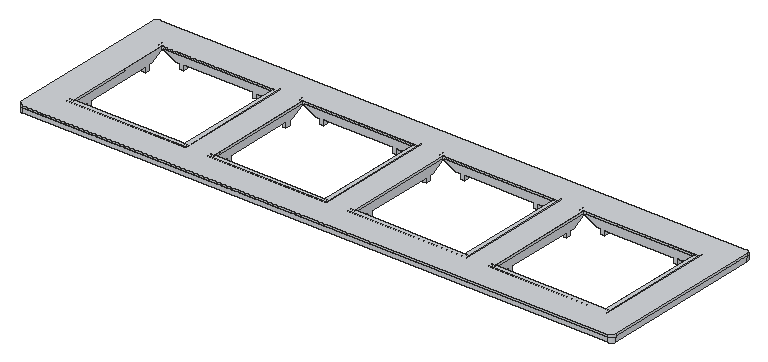
Revit family "Gira_0214255", category Electrical Fixtures, host Face, Revit 2017
Family settings
  Host = Face
  Maintain Annotation Orientation = No
  Round Connector Dimension = Use Diameter
  Part Type = Normal
  Cut with Voids When Loaded = No
  Shared = No
  Room Calculation Point = No
Parameters (values of type "Abdeckrahmen 4f flach Gira E2 F Alu")
  Werkstoffgüte = "Thermoplast"
  Werkstoff = "Kunststoff"
  URL = "http://katalog.gira.de/de_DE/datenblatt.html?artikelnr=0214255"
  Transparent = "No"
  Textfeld/Beschriftungsfläche = "No"
  Schutzart (IP) = "IP20"
  Region = "DE"
  Oberfläche = "sonstige"
  Name = "Abdeckrahmen 4f flach Gira E2 F Alu"
  Montagerichtung = "horizontal und vertikal"
  Mit Montagerahmen = "No"
  Mit Klappdeckel = "No"
  Manufacturer URL = "https://www.gira.de/"
  Keynote = "E2flach_Rahmen_4fach"
  HeinzeBIM = "https://bimportal.heinze.de/bim/abdeckrahmen-4f-flach-gira-e2-f-alu/c21f727d1ff6ac034fc66f4489626bb5254fbf10"
  Halogenfrei = "Yes"
  HAN = "0214255"
  Geeignet für Unterputz-Installation = "Yes"
  Geeignet für Unterflurkanaldose = "No"
  Geeignet für Geräteeinbaukanal = "No"
  Geeignet für Einbauinstallation = "No"
  GTIN = "4010337021346"
  Farbe = "aluminium"
  Default Elevation = 1219.2 mm
  Data sheet (1) = "https://katalog.gira.de/de_DE/download.html?artikelnr=0214255"
  Category = "Abdeckrahmen"
  Befestigungsart = "Klemmbefestigung"
  Available = "Yes"
  Anzahl der Einheiten vertikal = "4 "
  Anzahl der Einheiten horizontal = "4 "
  Anzahl der Einheiten = "4 "
Reference planes
  plane 1 "Center (Front/Back)": y = 0
  plane 2: z = 0
  plane 3 "Center (Left/Right)": x = 0
Forms (mm)
  Extrusion 1, solid, detail levels fine
    sketch origin (0, 0, 0) x (1, 0, 0) y (0, 1, 0)
      loop
        arc (-148.2, 43.9) -> (-149.968, 43.168) -> (-150.7, 41.4) r 2.5
        line (-150.7, 41.4) -> (-150.7, -41.4)
        arc (-150.7, -41.4) -> (-149.968, -43.168) -> (-148.2, -43.9) r 2.5
        line (-148.2, -43.9) -> (148.2, -43.9)
        arc (148.2, -43.9) -> (149.968, -43.168) -> (150.7, -41.4) r 2.5
        line (150.7, -41.4) -> (150.7, 41.4)
        arc (150.7, 41.4) -> (149.968, 43.168) -> (148.2, 43.9) r 2.5
        line (148.2, 43.9) -> (-148.2, 43.9)
      loop
        spline (-134.944, -27.245) -> (-134.936, -27.363) -> (-134.913, -27.478) -> (-134.875, -27.589) -> (-134.823, -27.695) -> (-134.758, -27.792) -> (-134.681, -27.881) -> (-134.592, -27.958) -> (-134.495, -28.023) -> (-134.389, -28.075) -> (-134.278, -28.113) -> (-134.163, -28.136) -> (-134.045, -28.144)
        line (-134.045, -28.144) -> (-79.555, -28.144)
        spline (-79.555, -28.144) -> (-79.437, -28.136) -> (-79.322, -28.113) -> (-79.211, -28.075) -> (-79.105, -28.023) -> (-79.008, -27.958) -> (-78.919, -27.881) -> (-78.842, -27.792) -> (-78.777, -27.695) -> (-78.725, -27.589) -> (-78.687, -27.478) -> (-78.664, -27.363) -> (-78.656, -27.245)
        line (-78.656, -27.245) -> (-78.656, 27.245)
        spline (-78.656, 27.245) -> (-78.664, 27.363) -> (-78.687, 27.478) -> (-78.725, 27.589) -> (-78.777, 27.695) -> (-78.842, 27.792) -> (-78.919, 27.881) -> (-79.008, 27.958) -> (-79.105, 28.023) -> (-79.211, 28.075) -> (-79.322, 28.113) -> (-79.437, 28.136) -> (-79.555, 28.144)
        line (-79.555, 28.144) -> (-134.045, 28.144)
        spline (-134.045, 28.144) -> (-134.163, 28.136) -> (-134.278, 28.113) -> (-134.389, 28.075) -> (-134.495, 28.023) -> (-134.592, 27.958) -> (-134.681, 27.881) -> (-134.758, 27.792) -> (-134.823, 27.695) -> (-134.875, 27.589) -> (-134.913, 27.478) -> (-134.936, 27.363) -> (-134.944, 27.245)
        line (-134.944, 27.245) -> (-134.944, -27.245)
      loop
        spline (134.045, -28.144) -> (134.163, -28.136) -> (134.278, -28.113) -> (134.389, -28.075) -> (134.495, -28.023) -> (134.592, -27.958) -> (134.681, -27.881) -> (134.758, -27.792) -> (134.823, -27.695) -> (134.875, -27.589) -> (134.913, -27.478) -> (134.936, -27.363) -> (134.944, -27.245)
        line (134.944, -27.245) -> (134.944, 27.245)
        spline (134.944, 27.245) -> (134.936, 27.363) -> (134.913, 27.478) -> (134.875, 27.589) -> (134.823, 27.695) -> (134.758, 27.792) -> (134.681, 27.881) -> (134.592, 27.958) -> (134.495, 28.023) -> (134.389, 28.075) -> (134.278, 28.113) -> (134.163, 28.136) -> (134.045, 28.144)
        line (134.045, 28.144) -> (79.555, 28.144)
        spline (79.555, 28.144) -> (79.437, 28.136) -> (79.322, 28.113) -> (79.211, 28.075) -> (79.105, 28.023) -> (79.008, 27.958) -> (78.919, 27.881) -> (78.842, 27.792) -> (78.777, 27.695) -> (78.725, 27.589) -> (78.687, 27.478) -> (78.664, 27.363) -> (78.656, 27.245)
        line (78.656, 27.245) -> (78.656, -27.245)
        spline (78.656, -27.245) -> (78.664, -27.363) -> (78.687, -27.478) -> (78.725, -27.589) -> (78.777, -27.695) -> (78.842, -27.792) -> (78.919, -27.881) -> (79.008, -27.958) -> (79.105, -28.023) -> (79.211, -28.075) -> (79.322, -28.113) -> (79.437, -28.136) -> (79.555, -28.144)
        line (79.555, -28.144) -> (134.045, -28.144)
      loop
        spline (-63.744, -27.245) -> (-63.736, -27.363) -> (-63.713, -27.478) -> (-63.675, -27.589) -> (-63.623, -27.695) -> (-63.558, -27.792) -> (-63.481, -27.881) -> (-63.392, -27.958) -> (-63.295, -28.023) -> (-63.189, -28.075) -> (-63.078, -28.113) -> (-62.963, -28.136) -> (-62.845, -28.144)
        line (-62.845, -28.144) -> (-8.355, -28.144)
        spline (-8.355, -28.144) -> (-8.237, -28.136) -> (-8.122, -28.113) -> (-8.011, -28.075) -> (-7.905, -28.023) -> (-7.808, -27.958) -> (-7.719, -27.881) -> (-7.642, -27.792) -> (-7.577, -27.695) -> (-7.525, -27.589) -> (-7.487, -27.478) -> (-7.464, -27.363) -> (-7.456, -27.245)
        line (-7.456, -27.245) -> (-7.456, 27.245)
        spline (-7.456, 27.245) -> (-7.464, 27.363) -> (-7.487, 27.478) -> (-7.525, 27.589) -> (-7.577, 27.695) -> (-7.642, 27.792) -> (-7.719, 27.881) -> (-7.808, 27.958) -> (-7.905, 28.023) -> (-8.011, 28.075) -> (-8.122, 28.113) -> (-8.237, 28.136) -> (-8.355, 28.144)
        line (-8.355, 28.144) -> (-62.845, 28.144)
        spline (-62.845, 28.144) -> (-62.963, 28.136) -> (-63.078, 28.113) -> (-63.189, 28.075) -> (-63.295, 28.023) -> (-63.392, 27.958) -> (-63.481, 27.881) -> (-63.558, 27.792) -> (-63.623, 27.695) -> (-63.675, 27.589) -> (-63.713, 27.478) -> (-63.736, 27.363) -> (-63.744, 27.245)
        line (-63.744, 27.245) -> (-63.744, -27.245)
      loop
        spline (7.456, -27.245) -> (7.464, -27.363) -> (7.487, -27.478) -> (7.525, -27.589) -> (7.577, -27.695) -> (7.642, -27.792) -> (7.719, -27.881) -> (7.808, -27.958) -> (7.905, -28.023) -> (8.011, -28.075) -> (8.122, -28.113) -> (8.237, -28.136) -> (8.355, -28.144)
        line (8.355, -28.144) -> (62.845, -28.144)
        spline (62.845, -28.144) -> (62.963, -28.136) -> (63.078, -28.113) -> (63.189, -28.075) -> (63.295, -28.023) -> (63.392, -27.958) -> (63.481, -27.881) -> (63.558, -27.792) -> (63.623, -27.695) -> (63.675, -27.589) -> (63.713, -27.478) -> (63.736, -27.363) -> (63.744, -27.245)
        line (63.744, -27.245) -> (63.744, 27.245)
        spline (63.744, 27.245) -> (63.736, 27.363) -> (63.713, 27.478) -> (63.675, 27.589) -> (63.623, 27.695) -> (63.558, 27.792) -> (63.481, 27.881) -> (63.392, 27.958) -> (63.295, 28.023) -> (63.189, 28.075) -> (63.078, 28.113) -> (62.963, 28.136) -> (62.845, 28.144)
        line (62.845, 28.144) -> (8.355, 28.144)
        spline (8.355, 28.144) -> (8.237, 28.136) -> (8.122, 28.113) -> (8.011, 28.075) -> (7.905, 28.023) -> (7.808, 27.958) -> (7.719, 27.881) -> (7.642, 27.792) -> (7.577, 27.695) -> (7.525, 27.589) -> (7.487, 27.478) -> (7.464, 27.363) -> (7.456, 27.245)
        line (7.456, 27.245) -> (7.456, -27.245)
    from 2.5 to 3.4
  Extrusion 2, solid, detail levels fine
    sketch origin (0, 0, 0) x (1, 0, 0) y (0, 1, 0)
      loop
        arc (-148.2, 43.9) -> (-149.968, 43.168) -> (-150.7, 41.4) r 2.5
        line (-150.7, 41.4) -> (-150.7, -41.4)
        arc (-150.7, -41.4) -> (-149.968, -43.168) -> (-148.2, -43.9) r 2.5
        line (-148.2, -43.9) -> (148.2, -43.9)
        arc (148.2, -43.9) -> (149.968, -43.168) -> (150.7, -41.4) r 2.5
        line (150.7, -41.4) -> (150.7, 41.4)
        arc (150.7, 41.4) -> (149.968, 43.168) -> (148.2, 43.9) r 2.5
        line (148.2, 43.9) -> (-148.2, 43.9)
      loop
        arc (-148.2, 43.4) -> (-149.614, 42.814) -> (-150.2, 41.4) r 2
        line (-150.2, 41.4) -> (-150.2, -41.4)
        arc (-150.2, -41.4) -> (-149.614, -42.814) -> (-148.2, -43.4) r 2
        line (-148.2, -43.4) -> (148.2, -43.4)
        arc (148.2, -43.4) -> (149.614, -42.814) -> (150.2, -41.4) r 2
        line (150.2, -41.4) -> (150.2, 41.4)
        arc (150.2, 41.4) -> (149.614, 42.814) -> (148.2, 43.4) r 2
        line (148.2, 43.4) -> (-148.2, 43.4)
    from 0 to 2.5
  Extrusion 3, solid, detail levels fine
    sketch origin (-106.8, 0, 0) x (1, 0, 0) y (0, 0, 1)
      loop
        line (-17.5, -4.06) -> (-17.5, -1.56) -> (17.5, -1.56) -> (17.5, -4.06) -> (19.5, -4.06) -> (19.5, -1.56) -> (21.654, -1.56) -> (27.214, 1.65) -> (30, 1.65) -> (30, 3.4) -> (-30, 3.4) -> (-30, 1.65) -> (-27.214, 1.65) -> (-21.654, -1.56) -> (-19.5, -1.56) -> (-19.5, -4.06) -> (-17.5, -4.06)
    from 28.144 to 30
  Extrusion 4, solid, detail levels fine
    sketch origin (-106.8, 0, 0) x (0, -1, 0) y (0, 0, -1)
      loop
        line (-17.5, 4.06) -> (-19.5, 4.06) -> (-19.5, 1.56) -> (-21.654, 1.56) -> (-27.214, -1.65) -> (-28.144, -1.65) -> (-28.144, -3.4) -> (28.144, -3.4) -> (28.144, -1.65) -> (27.214, -1.65) -> (21.654, 1.56) -> (19.5, 1.56) -> (19.5, 4.06) -> (17.5, 4.06) -> (17.5, 1.56) -> (-17.5, 1.56) -> (-17.5, 4.06)
    from 28.144 to 30
  Extrusion 5, solid, detail levels medium
    sketch origin (-106.8, 0, 0) x (0, -1, 0) y (0, 0, 1)
      loop
        line (-17.5, -4.06) -> (-17.5, -1.56) -> (17.5, -1.56) -> (17.5, -4.06) -> (19.5, -4.06) -> (19.5, -1.56) -> (28.144, -1.56) -> (28.144, 3.4) -> (-28.144, 3.4) -> (-28.144, -1.56) -> (-19.5, -1.56) -> (-19.5, -4.06) -> (-17.5, -4.06)
    from 28.144 to 30
  Extrusion 6, solid, detail levels fine
    sketch origin (-106.8, 0, 0) x (1, 0, 0) y (0, 0, -1)
      loop
        line (-17.5, 4.06) -> (-19.5, 4.06) -> (-19.5, 1.56) -> (-21.654, 1.56) -> (-27.214, -1.65) -> (-30, -1.65) -> (-30, -3.4) -> (30, -3.4) -> (30, -1.65) -> (27.214, -1.65) -> (21.654, 1.56) -> (19.5, 1.56) -> (19.5, 4.06) -> (17.5, 4.06) -> (17.5, 1.56) -> (-17.5, 1.56) -> (-17.5, 4.06)
    from 28.144 to 30
  Extrusion 7, solid, detail levels coarse
    sketch origin (0, 0, 0) x (1, 0, 0) y (0, 1, 0)
      loop
        line (-150.7, 43.9) -> (-150.7, -43.9) -> (150.7, -43.9) -> (150.7, 43.9) -> (-150.7, 43.9)
    from -4.06 to 3.4
  Extrusion 8, solid, detail levels medium
    sketch origin (0, 0, 0) x (1, 0, 0) y (0, 1, 0)
      loop
        line (-150.7, 43.9) -> (-150.7, -43.9) -> (150.7, -43.9) -> (150.7, 43.9) -> (-150.7, 43.9)
    from 0 to 3.4
  Extrusion 9, solid, detail levels medium
    sketch origin (-106.8, 0, 0) x (1, 0, 0) y (0, 0, 1)
      loop
        line (-17.5, -4.06) -> (-17.5, -1.56) -> (17.5, -1.56) -> (17.5, -4.06) -> (19.5, -4.06) -> (19.5, -1.56) -> (30, -1.56) -> (30, 3.4) -> (-30, 3.4) -> (-30, -1.56) -> (-19.5, -1.56) -> (-19.5, -4.06) -> (-17.5, -4.06)
    from 28.144 to 30
  Extrusion 10, solid, detail levels medium
    sketch origin (-106.8, 0, 0) x (1, 0, 0) y (0, 0, -1)
      loop
        line (-17.5, 4.06) -> (-19.5, 4.06) -> (-19.5, 1.56) -> (-30, 1.56) -> (-30, -3.4) -> (30, -3.4) -> (30, 1.56) -> (19.5, 1.56) -> (19.5, 4.06) -> (17.5, 4.06) -> (17.5, 1.56) -> (-17.5, 1.56) -> (-17.5, 4.06)
    from 28.144 to 30
  Extrusion 11, solid, detail levels medium
    sketch origin (-106.8, 0, 0) x (0, -1, 0) y (0, 0, -1)
      loop
        line (-17.5, 4.06) -> (-19.5, 4.06) -> (-19.5, 1.56) -> (-28.144, 1.56) -> (-28.144, -3.4) -> (28.144, -3.4) -> (28.144, 1.56) -> (19.5, 1.56) -> (19.5, 4.06) -> (17.5, 4.06) -> (17.5, 1.56) -> (-17.5, 1.56) -> (-17.5, 4.06)
    from 28.144 to 30
  Extrusion 12, solid, detail levels fine
    sketch origin (35.6, 0, 0) x (-1, 0, 0) y (0, 0, -1)
      loop
        line (-17.5, 4.06) -> (-19.5, 4.06) -> (-19.5, 1.56) -> (-21.654, 1.56) -> (-27.214, -1.65) -> (-30, -1.65) -> (-30, -3.4) -> (30, -3.4) -> (30, -1.65) -> (27.214, -1.65) -> (21.654, 1.56) -> (19.5, 1.56) -> (19.5, 4.06) -> (17.5, 4.06) -> (17.5, 1.56) -> (-17.5, 1.56) -> (-17.5, 4.06)
    from 28.144 to 30
  Extrusion 13, solid, detail levels fine
    sketch origin (35.6, 0, 0) x (0, -1, 0) y (0, 0, 1)
      loop
        line (-17.5, -4.06) -> (-17.5, -1.56) -> (17.5, -1.56) -> (17.5, -4.06) -> (19.5, -4.06) -> (19.5, -1.56) -> (21.654, -1.56) -> (27.214, 1.65) -> (28.144, 1.65) -> (28.144, 3.4) -> (-28.144, 3.4) -> (-28.144, 1.65) -> (-27.214, 1.65) -> (-21.654, -1.56) -> (-19.5, -1.56) -> (-19.5, -4.06) -> (-17.5, -4.06)
    from 28.144 to 30
  Extrusion 14, solid, detail levels medium
    sketch origin (35.6, 0, 0) x (0, -1, 0) y (0, 0, -1)
      loop
        line (-17.5, 4.06) -> (-19.5, 4.06) -> (-19.5, 1.56) -> (-28.144, 1.56) -> (-28.144, -3.4) -> (28.144, -3.4) -> (28.144, 1.56) -> (19.5, 1.56) -> (19.5, 4.06) -> (17.5, 4.06) -> (17.5, 1.56) -> (-17.5, 1.56) -> (-17.5, 4.06)
    from 28.144 to 30
  Extrusion 15, solid, detail levels fine
    sketch origin (35.6, 0, 0) x (-1, 0, 0) y (0, 0, 1)
      loop
        line (-17.5, -4.06) -> (-17.5, -1.56) -> (17.5, -1.56) -> (17.5, -4.06) -> (19.5, -4.06) -> (19.5, -1.56) -> (21.654, -1.56) -> (27.214, 1.65) -> (30, 1.65) -> (30, 3.4) -> (-30, 3.4) -> (-30, 1.65) -> (-27.214, 1.65) -> (-21.654, -1.56) -> (-19.5, -1.56) -> (-19.5, -4.06) -> (-17.5, -4.06)
    from 28.144 to 30
  Extrusion 16, solid, detail levels medium
    sketch origin (35.6, 0, 0) x (-1, 0, 0) y (0, 0, -1)
      loop
        line (-17.5, 4.06) -> (-19.5, 4.06) -> (-19.5, 1.56) -> (-30, 1.56) -> (-30, -3.4) -> (30, -3.4) -> (30, 1.56) -> (19.5, 1.56) -> (19.5, 4.06) -> (17.5, 4.06) -> (17.5, 1.56) -> (-17.5, 1.56) -> (-17.5, 4.06)
    from 28.144 to 30
  Extrusion 17, solid, detail levels medium
    sketch origin (35.6, 0, 0) x (-1, 0, 0) y (0, 0, 1)
      loop
        line (-17.5, -4.06) -> (-17.5, -1.56) -> (17.5, -1.56) -> (17.5, -4.06) -> (19.5, -4.06) -> (19.5, -1.56) -> (30, -1.56) -> (30, 3.4) -> (-30, 3.4) -> (-30, -1.56) -> (-19.5, -1.56) -> (-19.5, -4.06) -> (-17.5, -4.06)
    from 28.144 to 30
  Extrusion 18, solid, detail levels medium
    sketch origin (35.6, 0, 0) x (0, -1, 0) y (0, 0, 1)
      loop
        line (-17.5, -4.06) -> (-17.5, -1.56) -> (17.5, -1.56) -> (17.5, -4.06) -> (19.5, -4.06) -> (19.5, -1.56) -> (28.144, -1.56) -> (28.144, 3.4) -> (-28.144, 3.4) -> (-28.144, -1.56) -> (-19.5, -1.56) -> (-19.5, -4.06) -> (-17.5, -4.06)
    from 28.144 to 30
  Extrusion 19, solid, detail levels fine
    sketch origin (-164.944, 0, 0) x (0, -1, 0) y (0, 0, -1)
      loop
        line (-17.5, 4.06) -> (-19.5, 4.06) -> (-19.5, 1.56) -> (-21.654, 1.56) -> (-27.214, -1.65) -> (-28.144, -1.65) -> (-28.144, -3.4) -> (28.144, -3.4) -> (28.144, -1.65) -> (27.214, -1.65) -> (21.654, 1.56) -> (19.5, 1.56) -> (19.5, 4.06) -> (17.5, 4.06) -> (17.5, 1.56) -> (-17.5, 1.56) -> (-17.5, 4.06)
    from 28.144 to 30
  Extrusion 20, solid, detail levels fine
    sketch origin (93.744, 0, 0) x (0, -1, 0) y (0, 0, 1)
      loop
        line (-17.5, -4.06) -> (-17.5, -1.56) -> (17.5, -1.56) -> (17.5, -4.06) -> (19.5, -4.06) -> (19.5, -1.56) -> (21.654, -1.56) -> (27.214, 1.65) -> (28.144, 1.65) -> (28.144, 3.4) -> (-28.144, 3.4) -> (-28.144, 1.65) -> (-27.214, 1.65) -> (-21.654, -1.56) -> (-19.5, -1.56) -> (-19.5, -4.06) -> (-17.5, -4.06)
    from 28.144 to 30
  Extrusion 21, solid, detail levels fine
    sketch origin (-35.6, 0, 0) x (-1, 0, 0) y (0, 0, -1)
      loop
        line (-17.5, 4.06) -> (-19.5, 4.06) -> (-19.5, 1.56) -> (-21.654, 1.56) -> (-27.214, -1.65) -> (-30, -1.65) -> (-30, -3.4) -> (30, -3.4) -> (30, -1.65) -> (27.214, -1.65) -> (21.654, 1.56) -> (19.5, 1.56) -> (19.5, 4.06) -> (17.5, 4.06) -> (17.5, 1.56) -> (-17.5, 1.56) -> (-17.5, 4.06)
    from 28.144 to 30
  Extrusion 22, solid, detail levels fine
    sketch origin (-35.6, 0, 0) x (0, -1, 0) y (0, 0, 1)
      loop
        line (-17.5, -4.06) -> (-17.5, -1.56) -> (17.5, -1.56) -> (17.5, -4.06) -> (19.5, -4.06) -> (19.5, -1.56) -> (21.654, -1.56) -> (27.214, 1.65) -> (28.144, 1.65) -> (28.144, 3.4) -> (-28.144, 3.4) -> (-28.144, 1.65) -> (-27.214, 1.65) -> (-21.654, -1.56) -> (-19.5, -1.56) -> (-19.5, -4.06) -> (-17.5, -4.06)
    from 28.144 to 30
  Extrusion 23, solid, detail levels medium
    sketch origin (-35.6, 0, 0) x (0, -1, 0) y (0, 0, -1)
      loop
        line (-17.5, 4.06) -> (-19.5, 4.06) -> (-19.5, 1.56) -> (-28.144, 1.56) -> (-28.144, -3.4) -> (28.144, -3.4) -> (28.144, 1.56) -> (19.5, 1.56) -> (19.5, 4.06) -> (17.5, 4.06) -> (17.5, 1.56) -> (-17.5, 1.56) -> (-17.5, 4.06)
    from 28.144 to 30
  Extrusion 24, solid, detail levels fine
    sketch origin (-35.6, 0, 0) x (-1, 0, 0) y (0, 0, 1)
      loop
        line (-17.5, -4.06) -> (-17.5, -1.56) -> (17.5, -1.56) -> (17.5, -4.06) -> (19.5, -4.06) -> (19.5, -1.56) -> (21.654, -1.56) -> (27.214, 1.65) -> (30, 1.65) -> (30, 3.4) -> (-30, 3.4) -> (-30, 1.65) -> (-27.214, 1.65) -> (-21.654, -1.56) -> (-19.5, -1.56) -> (-19.5, -4.06) -> (-17.5, -4.06)
    from 28.144 to 30
  Extrusion 25, solid, detail levels medium
    sketch origin (-35.6, 0, 0) x (-1, 0, 0) y (0, 0, -1)
      loop
        line (-17.5, 4.06) -> (-19.5, 4.06) -> (-19.5, 1.56) -> (-30, 1.56) -> (-30, -3.4) -> (30, -3.4) -> (30, 1.56) -> (19.5, 1.56) -> (19.5, 4.06) -> (17.5, 4.06) -> (17.5, 1.56) -> (-17.5, 1.56) -> (-17.5, 4.06)
    from 28.144 to 30
  Extrusion 26, solid, detail levels medium
    sketch origin (-35.6, 0, 0) x (-1, 0, 0) y (0, 0, 1)
      loop
        line (-17.5, -4.06) -> (-17.5, -1.56) -> (17.5, -1.56) -> (17.5, -4.06) -> (19.5, -4.06) -> (19.5, -1.56) -> (30, -1.56) -> (30, 3.4) -> (-30, 3.4) -> (-30, -1.56) -> (-19.5, -1.56) -> (-19.5, -4.06) -> (-17.5, -4.06)
    from 28.144 to 30
  Extrusion 27, solid, detail levels medium
    sketch origin (-35.6, 0, 0) x (0, -1, 0) y (0, 0, 1)
      loop
        line (-17.5, -4.06) -> (-17.5, -1.56) -> (17.5, -1.56) -> (17.5, -4.06) -> (19.5, -4.06) -> (19.5, -1.56) -> (28.144, -1.56) -> (28.144, 3.4) -> (-28.144, 3.4) -> (-28.144, -1.56) -> (-19.5, -1.56) -> (-19.5, -4.06) -> (-17.5, -4.06)
    from 28.144 to 30
  Extrusion 28, solid, detail levels fine
    sketch origin (22.544, 0, 0) x (0, -1, 0) y (0, 0, 1)
      loop
        line (-17.5, -4.06) -> (-17.5, -1.56) -> (17.5, -1.56) -> (17.5, -4.06) -> (19.5, -4.06) -> (19.5, -1.56) -> (21.654, -1.56) -> (27.214, 1.65) -> (28.144, 1.65) -> (28.144, 3.4) -> (-28.144, 3.4) -> (-28.144, 1.65) -> (-27.214, 1.65) -> (-21.654, -1.56) -> (-19.5, -1.56) -> (-19.5, -4.06) -> (-17.5, -4.06)
    from 28.144 to 30
  Extrusion 29, solid, detail levels fine
    sketch origin (106.8, 0, 0) x (-1, 0, 0) y (0, 0, -1)
      loop
        line (-17.5, 4.06) -> (-19.5, 4.06) -> (-19.5, 1.56) -> (-21.654, 1.56) -> (-27.214, -1.65) -> (-30, -1.65) -> (-30, -3.4) -> (30, -3.4) -> (30, -1.65) -> (27.214, -1.65) -> (21.654, 1.56) -> (19.5, 1.56) -> (19.5, 4.06) -> (17.5, 4.06) -> (17.5, 1.56) -> (-17.5, 1.56) -> (-17.5, 4.06)
    from 28.144 to 30
  Extrusion 30, solid, detail levels fine
    sketch origin (106.8, 0, 0) x (0, -1, 0) y (0, 0, 1)
      loop
        line (-17.5, -4.06) -> (-17.5, -1.56) -> (17.5, -1.56) -> (17.5, -4.06) -> (19.5, -4.06) -> (19.5, -1.56) -> (21.654, -1.56) -> (27.214, 1.65) -> (28.144, 1.65) -> (28.144, 3.4) -> (-28.144, 3.4) -> (-28.144, 1.65) -> (-27.214, 1.65) -> (-21.654, -1.56) -> (-19.5, -1.56) -> (-19.5, -4.06) -> (-17.5, -4.06)
    from 28.144 to 30
  Extrusion 31, solid, detail levels medium
    sketch origin (106.8, 0, 0) x (0, -1, 0) y (0, 0, -1)
      loop
        line (-17.5, 4.06) -> (-19.5, 4.06) -> (-19.5, 1.56) -> (-28.144, 1.56) -> (-28.144, -3.4) -> (28.144, -3.4) -> (28.144, 1.56) -> (19.5, 1.56) -> (19.5, 4.06) -> (17.5, 4.06) -> (17.5, 1.56) -> (-17.5, 1.56) -> (-17.5, 4.06)
    from 28.144 to 30
  Extrusion 32, solid, detail levels fine
    sketch origin (106.8, 0, 0) x (-1, 0, 0) y (0, 0, 1)
      loop
        line (-17.5, -4.06) -> (-17.5, -1.56) -> (17.5, -1.56) -> (17.5, -4.06) -> (19.5, -4.06) -> (19.5, -1.56) -> (21.654, -1.56) -> (27.214, 1.65) -> (30, 1.65) -> (30, 3.4) -> (-30, 3.4) -> (-30, 1.65) -> (-27.214, 1.65) -> (-21.654, -1.56) -> (-19.5, -1.56) -> (-19.5, -4.06) -> (-17.5, -4.06)
    from 28.144 to 30
  Extrusion 33, solid, detail levels medium
    sketch origin (106.8, 0, 0) x (-1, 0, 0) y (0, 0, -1)
      loop
        line (-17.5, 4.06) -> (-19.5, 4.06) -> (-19.5, 1.56) -> (-30, 1.56) -> (-30, -3.4) -> (30, -3.4) -> (30, 1.56) -> (19.5, 1.56) -> (19.5, 4.06) -> (17.5, 4.06) -> (17.5, 1.56) -> (-17.5, 1.56) -> (-17.5, 4.06)
    from 28.144 to 30
  Extrusion 34, solid, detail levels medium
    sketch origin (106.8, 0, 0) x (-1, 0, 0) y (0, 0, 1)
      loop
        line (-17.5, -4.06) -> (-17.5, -1.56) -> (17.5, -1.56) -> (17.5, -4.06) -> (19.5, -4.06) -> (19.5, -1.56) -> (30, -1.56) -> (30, 3.4) -> (-30, 3.4) -> (-30, -1.56) -> (-19.5, -1.56) -> (-19.5, -4.06) -> (-17.5, -4.06)
    from 28.144 to 30
  Extrusion 35, solid, detail levels medium
    sketch origin (106.8, 0, 0) x (0, -1, 0) y (0, 0, 1)
      loop
        line (-17.5, -4.06) -> (-17.5, -1.56) -> (17.5, -1.56) -> (17.5, -4.06) -> (19.5, -4.06) -> (19.5, -1.56) -> (28.144, -1.56) -> (28.144, 3.4) -> (-28.144, 3.4) -> (-28.144, -1.56) -> (-19.5, -1.56) -> (-19.5, -4.06) -> (-17.5, -4.06)
    from 28.144 to 30
  Extrusion 36, solid, detail levels fine
    sketch origin (164.944, 0, 0) x (0, -1, 0) y (0, 0, 1)
      loop
        line (-17.5, -4.06) -> (-17.5, -1.56) -> (17.5, -1.56) -> (17.5, -4.06) -> (19.5, -4.06) -> (19.5, -1.56) -> (21.654, -1.56) -> (27.214, 1.65) -> (28.144, 1.65) -> (28.144, 3.4) -> (-28.144, 3.4) -> (-28.144, 1.65) -> (-27.214, 1.65) -> (-21.654, -1.56) -> (-19.5, -1.56) -> (-19.5, -4.06) -> (-17.5, -4.06)
    from 28.144 to 30
Dimensions and locks
  aligned and locked: plane 2 to host face
  aligned and locked: level to host face
